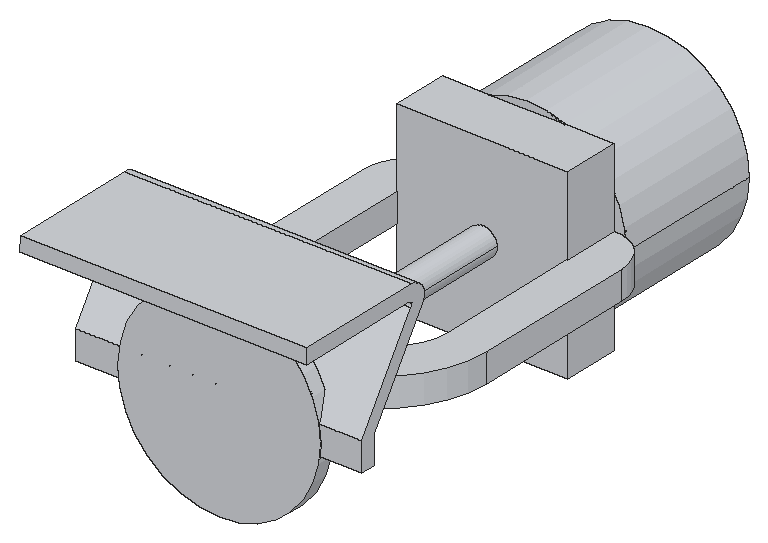
Revit family
Parameters (values of type "RASCO F156 HSW")
  Temperature Rating = 155 °F
  Response = (empty or 0)
  RASCO SIN # = "RA1335"
  RASCO Part # = "F56H1C"
  Pressure Rating = "175 PSI"
  Pressure Class = (empty or 0)
  Orifice Size = 1/2"
  Orifice = (empty or 0)
  Model = "F156"
  Manufacturer = "RASCO"
  K-Factor = 5.6
  Description = "Chrome Finish"
  Coverage = (empty or 0)
Reference planes (in)
  plane 1 "Center (Front/Back)": y = 0
  plane 2: z = 0
  plane 3 "Center (Left/Right)": x = 0
Dimensions and locks (in)
  aligned and locked: plane 2 to level
Nested families (in)
  nested 1: "F56H1C" at (0, 0, 0), type "RASCO F156 HSW"
Connectors (in)
  piping at (-0.01236, 1.34926, 1.25584)
    settings: on nested 1, index 1, connector radius 55/128", flow factor 0, pipe flow 0 GPM, pressure drop 0.00 psi, fitting loss kfactor 0, connector angle 0.00°, fixture units 0, flow configuration 0, flow direction 0, fitting loss method 0, system type 7, connector reference index -1, connector utility 0, adjustable connector no, is connector primary yes, fitting loss table "", connector description ""
Definition of nested family "F56H1C"
  Parameters (values of type "RASCO F156 HSW")
    Type Comments = ""
    Temperature Rating = 0 °F
    Response = (empty or 0)
    Pressure Rating = "0"
    Pressure Class = (empty or 0)
    Orifice Size = 0"
    Orifice = (empty or 0)
    Model = ""
    Manufacturer = ""
    K-Factor = 0
    Description = ""
    Coverage = (empty or 0)
    Assembly Code = ""
  Reference planes (in)
    plane 1 "Center (Front/Back)": y = 0
    plane 2: z = 0
    plane 3 "ref.2": z = 0.6875
    plane 4 "ref.3": z = 0.9375
    plane 5: x = -0.38065
    plane 6: x = 0.36935
    plane 7 "ref. side 1": y = 0.06402
    plane 8 "ref. side 2": y = -0.06098
    plane 9 "ref.4": z = 1.875
    plane 10 "ref.5": z = 2.3125
    plane 11 "ref.6": z = 2.4375
    plane 12 "center": x = -0.00574
  Forms (in)
    Extrusion 1, solid
      sketch origin (-0.01236, 1.37309, 1.25584) x (-1, 0, 0) y (0, 0, -1)
        loop
          circle (0, 0) r 0.4379
      from 0.02383 to 0.6875
    Extrusion 2, solid
      sketch origin (0.10949, 0.68559, 1.20407) x (-1, 0, 0) y (0, 0, -1)
        loop
          line (-0.2588, 0.356) -> (-0.2588, -0.4565) -> (0.4912, -0.4565) -> (0.4912, 0.356) -> (-0.2588, 0.356)
      from 0 to 0.25
    Extrusion 3, solid
      sketch origin (-0.01236, 1.3722, 1.25584) x (-1, 0, 0) y (0, -1, 0)
        loop
          line (-0.38065, 0.68754) -> (-0.38065, 1.58397)
          arc (-0.38065, 1.58397) -> (-0.29541, 1.78976) -> (-0.08962, 1.875) r 0.29103
          line (-0.08962, 1.875) -> (0.07524, 1.875)
          arc (0.07524, 1.875) -> (0.28321, 1.78886) -> (0.36935, 1.58089) r 0.29411
          line (0.36935, 1.58089) -> (0.36935, 0.68751)
          arc (0.36935, 0.68751) -> (0.50207, 0.74393) -> (0.55685, 0.87734) r 0.18984
          line (0.55685, 0.87734) -> (0.55685, 1.61676)
          arc (0.55685, 1.61676) -> (0.42629, 1.93194) -> (0.11111, 2.0625) r 0.44574
          line (0.11111, 2.0625) -> (-0.12259, 2.0625)
          arc (-0.12259, 2.0625) -> (-0.43765, 1.932) -> (-0.56815, 1.61694) r 0.44556
          line (-0.56815, 1.61694) -> (-0.56815, 0.87876)
          arc (-0.56815, 0.87876) -> (-0.51345, 0.74486) -> (-0.38065, 0.68754) r 0.19126
      from -0.06402 to 0.06098
    Extrusion 4, solid
      sketch origin (-0.01236, 0.43559, 1.25584) x (1, 0, 0) y (0, 0, 1)
        loop
          circle (0.00574, -0.00152) r 0.0625
      from 0 to 0.9375
    Extrusion 5, solid
      sketch origin (-0.01236, -0.50191, 1.25584) x (1, 0, 0) y (0, 0, 1)
        loop
          circle (0.00574, -0.00152) r 0.1875
      from 0 to 0.4375
    Extrusion 6, solid
      sketch origin (-0.01236, -0.89954, 1.2504) x (-1, 0, 0) y (0, 0, 1)
        loop
          circle (-0.00574, -0.00152) r 0.44275
      from -0.10531 to -0.03987
    Extrusion 7, solid
      sketch origin (-0.00662, 1.2679, 1.26334) x (0, -1, 0) y (0, 0, 1)
        loop
          line (2.27263, -0.06402) -> (2.27263, 0.06098) -> (2.00466, 0.4658)
          arc (2.00466, 0.4658) -> (2.00382, 0.48409) -> (2.01953, 0.49348) r 0.01783
          line (2.01953, 0.49348) -> (2.57559, 0.49348) -> (2.57559, 0.55848) -> (2.00257, 0.55848)
          arc (2.00257, 0.55848) -> (1.94355, 0.52319) -> (1.9467, 0.4545) r 0.067
          line (1.9467, 0.4545) -> (2.20719, 0.06098) -> (2.20719, -0.06402) -> (2.27263, -0.06402)
      from -0.62515 to 0.62904
  Cuts and joins
    joined: Extrusion 1, Extrusion 2, Extrusion 4
